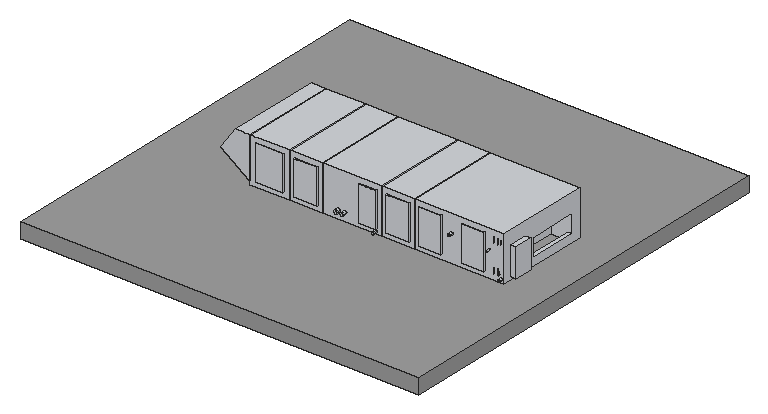
Revit family
Parameters (values of type "4 Row DX-R410")
  Wheel Size [instance] = ""
  Voltage = 480 V
  Unit Weight (lbs) = 3319  # constant formula
  URL = "http://www.appliedair.com"
  Total Static Pressure [instance] = 0.00 in-wg
  Total Heating Capacity [instance] = 0.0 Btu/h
  Total Cooling Capacity [instance] = 0.0 Btu/h
  Temperature Rise [instance] = 0 °F
  Supply Air Pressure Drop [instance] = 0.00 in-wg
  Supply Air Outlet Flow [instance] = 0 CFM
  Supply Air Inlet Flow [instance] = 0 CFM
  Series = "IFL"
  Return Coil Horizontal Offset = 1' - 1"  # constant formula
  Return Air Inlet Flow [instance] = 0 CFM
  Return Air Flow Height = 1' - 8"
  Refrigerant Type = "R410"
  Refrigerant Supply Pressure [instance] = 0.00 psi
  Refrigerant Supply Flow [instance] = 0 GPM
  Refrigerant Return Pressure [instance] = 0.00 psi
  Refrigerant Return Flow [instance] = 0 GPM
  Product URL = "http://www.appliedair.com/ifl.asp"
  Power Vertical Offset = 1' - 2 1/4"
  Power Horizontal Offset = 2' - 6"
  Power Connection Radius = 0' - 0 3/4"
  Phase = 3
  Output Heat [instance] = 0.0 Btu/h
  OmniClass = "23-75 10 24 21 27 17"
  Number of Rows = 4
  Number of Poles = 3
  Nominal Width = 6' - 4"  # constant formula
  Nominal Length = 18' - 11 5/16"  # constant formula
  Nominal Height = 3' - 0"  # constant formula
  Motor Horsepower (HP) [instance] = 0
  Motor Brake Horsepower (BHP) [instance] = 0
  Motor Amps [instance] = 0 A
  Model = "20"
  Minimum Input [instance] = 0.0 Btu/h
  Minimum Air Flow = 1500 CFM
  Maximum Input [instance] = 0.0 Btu/h
  Maximum Air Flow = 5000 CFM
  Manufacturer = "Applied Air"
  M = 3' - 4"  # constant formula
  L = 1' - 2 1/2"  # constant formula
  K = 2' - 4 11/16"  # constant formula
  J = 0' - 6 3/8"  # constant formula
  Heating Leaving Water Temperature [instance] = 0 °F
  Heating Leaving Air Temperature Wet Bulb [instance] = 0 °F
  Heating Leaving Air Temperature Dry Bulb [instance] = 0 °F
  Heating Entering Water Temperature [instance] = 0 °F
  Heating Entering Air Temperature Wet Bulb [instance] = 0 °F
  Heating Entering Air Temperature Dry Bulb [instance] = 0 °F
  Gas Vertical Offset = 1' - 9"  # constant formula
  Gas Horizontal Offset = 0' - 11 1/2"
  Gas Connection Radius = 0' - 0 3/8"  # constant formula
  Condensate Vertical Offset = 0' - 2 3/4"
  Condensate Radius = 0' - 0 3/4"  # constant formula
  Gas Pressure Drop [instance] = 0.00 psi
  Gas Input [instance] = 0.0 Btu/h
  Condensate Drain  Horizontal Offset = 0' - 1 27/32"
  Gas Flow [instance] = 0 GPM
  Condensate Drain Connection Radius = Condensate Radius  # 0' - 0 3/4"
  Furnace Size [instance] = ""
  Frequency = 60 Hz
  Fan Speed (RPM) [instance] = 0
  Face Velocity (FPM) [instance] = 0
  Face Pressure Drop [instance] = 0' - 0"
  Drain Pressure Drop [instance] = 0.00 psi
  Drain Flow [instance] = 0 GPM
  Description = "Dedicated Outside Air Split System"
  Cooling Sensible Capacity [instance] = 0 Btu/h
  Cooling Leaving Air Temperature Wet Bulb [instance] = 0 °F
  Cooling Leaving Air Temperature Dry Bulb [instance] = 0 °F
  Cooling Entering Air Temperature Wet Bulb [instance] = 0 °F
  Cooling Entering Air Temperature Dry Bulb [instance] = 0 °F
  Cooling Coil Radius = 0' 2 1/2" / 2  # 0' - 1 1/4"
  H = 0' - 3 1/16"
  G = 1' - 11 5/16"
  Drain Vertical Offset = 0' - 2"
  Drain Radius = 0' - 1"
  Drain Horizontal Offset = 0' - 5"
  Default Elevation = 4' - 0"
  F = 2' - 2"
  E = 4' - 0"
  D = 5' - 4"
  Combustion Air Flow [instance] = 0 CFM
  Coils Depth = 0' - 3"
  Coil Outlet Vertical Offset = 2' - 5 113/256"  # constant formula
  Coil Face Area = if(Choose Coil Option = 1, 6.00 SF, if(Choose Coil Option = 2, 10.50 SF, 0.00 SF))  # 10.50 SF
  Choose Coil Option = 2
  Coil Inlet Vertical Offsets = 0' - 6 143/256"
  Supply Coil Horizontal Offset = 1' - 6"  # constant formula
  Burner Amps [instance] = 0 A
  B = 6' - 0"
  Assembly Code = "D3030200"
  Apparent Power [instance] = (Motor Amps + Burner Amps) * Voltage * sqrt(3)  # 0 VA
  AHU Material = Galvanized Steel
  24x63 DX Coils = Choose Coil Option = 2  # yes
  24x36 DX Coils = Choose Coil Option = 1  # no
Reference planes (in)
  plane 1 "Center (Front/Back)": y = 0
  plane 2: z = -0.00391
  plane 3 "Center (Left/Right)": x = 0
  plane 4: y = 38
  plane 5: y = -38
  plane 6: x = -24
  plane 7: x = 24
  plane 8: x = 50
  plane 9: z = 35.99609
  plane 10: x = 122
  plane 11: x = -50
  plane 12: x = -82
  plane 13: x = -105.3125
  plane 14: x = -11
  plane 15: x = -6
  plane 16: z = 6.55469
  plane 17: z = 6.55469
  plane 18: y = -41
  plane 19: x = 19
  plane 20: z = 1.99609
  plane 21: x = 80
  plane 22: z = 21.74609
  plane 23: z = 2.74609
  plane 24: x = 120.15625
  plane 25: x = 110.5
  plane 26: z = 20.99609
Forms (in)
  Extrusion 1, solid, material "Default"
    sketch origin (0, 0, 0) x (1, 0, 0) y (0, 1, 0)
      loop
        line (-164.84185, 166) -> (-164.84185, -165.6411) -> (155.35983, -165.6411) -> (155.35983, 166) -> (-164.84185, 166)
    from -0.00391 to -12
  Extrusion 2, solid
    sketch origin (0.62705, 0, 0) x (1, 0, 0) y (0, 0, 1)
      loop
        line (-24.62705, 0) -> (23.37295, 0) -> (23.37295, 35.99609) -> (-24.62705, 35.99609) -> (-24.62705, 0)
    from -38 to 38
  Extrusion 3, solid
    sketch origin (66.62705, 0, 0) x (1, 0, 0) y (0, 0, 1)
      loop
        line (-42.62705, 0) -> (-16.62705, 0) -> (-16.62705, 35.99609) -> (-42.62705, 35.99609) -> (-42.62705, 0)
    from -38 to 38
  Extrusion 4, solid
    sketch origin (120.62705, 0, 0) x (1, 0, 0) y (0, 0, 1)
      loop
        line (-70.62705, 0) -> (1.37295, 0) -> (1.37295, 35.99609) -> (-70.62705, 35.99609) -> (-70.62705, 0)
    from -38 to 38
  Extrusion 5, solid
    sketch origin (-17.37295, 0, 0) x (1, 0, 0) y (0, 0, 1)
      loop
        line (-32.62705, -0.00391) -> (-6.62705, -0.00391) -> (-6.62705, 35.99609) -> (-32.62705, 35.99609) -> (-32.62705, -0.00391)
    from -38 to 38
  Extrusion 6, solid
    sketch origin (-41.37295, 0, 0) x (1, 0, 0) y (0, 0, 1)
      loop
        line (-40.62705, -0.00391) -> (-8.62705, -0.00391) -> (-8.62705, 35.99609) -> (-40.62705, 35.99609) -> (-40.62705, -0.00391)
    from -38 to 38
  Extrusion 7, solid
    sketch origin (0, 0, 0) x (1, 0, 0) y (0, 0, 1)
      loop
        line (-105.3125, 18.99609) -> (-82, 2.99609) -> (-82, 35.99609) -> (-93.64494, 35.99609) -> (-105.3125, 18.99609)
    from -38 to 38
  Extrusion 8, void
    sketch origin (0, 0, 0) x (1, 0, 0) y (0, 1, 0)
      loop
        line (-75, 32) -> (-75, -32) -> (-55, -32) -> (-55, 32) -> (-75, 32)
    from 0 to 31.59567
  Extrusion 9, void
    sketch origin (0, 0, 0) x (0, 1, 0) y (0, 0, 1)
      loop
        line (-32, 9) -> (32, 9) -> (32, 29) -> (-32, 29) -> (-32, 9)
    from -55 to -94.13707
  Extrusion 10, void
    sketch origin (0, 0, 0) x (1, 0, 0) y (0, 1, 0)
      loop
        line (118.9375, -9.3125) -> (118.9375, 30.6875) -> (104.4375, 30.6875) -> (104.4375, -9.3125) -> (118.9375, -9.3125)
    from 0 to 21.23232
  Extrusion 11, void
    sketch origin (0, 0, 0) x (1, 0, 0) y (0, 0, 1)
      loop
        line (122, 6.37109) -> (122, 20.87109) -> (104.4375, 20.87109) -> (104.4375, 6.37109) -> (122, 6.37109)
    from -30.6875 to 9.3125
  Extrusion 12, solid
    sketch origin (0, 0, 0) x (1, 0, 0) y (0, 1, 0)
      loop
        line (122, -17) -> (122, -32) -> (127, -32) -> (127, -17) -> (122, -17)
    from 3.06225 to 25.87762
  Extrusion 13, solid
    sketch origin (0, 0, 0) x (1, 0, 0) y (0, 0, 1)
      loop
        circle (-6, 6.55469) r 1.25
      loop
        circle (-11, 6.55469) r 1.25
      loop
        circle (19, 1.99609) r 1
      loop
        circle (80, 21.74609) r 0.75
      loop
        circle (120.15625, 2.74609) r 0.75
      loop
        circle (110.5, 20.99609) r 0.375
    from 38 to 41
  Extrusion 14, solid
    sketch origin (0, -38, 0) x (1, 0, 0) y (0, 0, 1)
      loop
        line (-55, 31.99609) -> (-77, 31.99609) -> (-77, 3.99609) -> (-55, 3.99609) -> (-55, 31.99609)
      loop
        line (-28, 31.99609) -> (-46, 31.99609) -> (-46, 3.99609) -> (-28, 3.99609) -> (-28, 31.99609)
      loop
        line (20, 31.99609) -> (6, 31.99609) -> (6, 3.99609) -> (20, 3.99609) -> (20, 31.99609)
      loop
        line (46, 31.99609) -> (28, 31.99609) -> (28, 3.99609) -> (46, 3.99609) -> (46, 31.99609)
      loop
        line (72, 31.99609) -> (54, 31.99609) -> (54, 3.99609) -> (72, 3.99609) -> (72, 31.99609)
      loop
        line (107, 31.99609) -> (89, 31.99609) -> (89, 3.99609) -> (107, 3.99609) -> (107, 31.99609)
    from 0 to 1
  Extrusion 15, void
    sketch origin (-0.35783, 0, -2.35783) x (1, 0, 0) y (0, 0, 1)
      loop
        line (114.55215, 32.70523) -> (114.55215, 32.20523) -> (116.80215, 32.20523) -> (116.80215, 32.70523) -> (114.55215, 32.70523)
      loop
        line (117.55215, 32.70523) -> (117.55215, 32.20523) -> (119.80215, 32.20523) -> (119.80215, 32.70523) -> (117.55215, 32.70523)
      loop
        line (114.55215, 33.45523) -> (114.55215, 32.95523) -> (116.80215, 32.95523) -> (116.80215, 33.45523) -> (114.55215, 33.45523)
      loop
        line (117.55215, 33.45523) -> (117.55215, 32.95523) -> (119.80215, 32.95523) -> (119.80215, 33.45523) -> (117.55215, 33.45523)
      loop
        line (114.55215, 31.95523) -> (114.55215, 31.45523) -> (116.80215, 31.45523) -> (116.80215, 31.95523) -> (114.55215, 31.95523)
      loop
        line (117.55215, 31.95523) -> (117.55215, 31.45523) -> (119.80215, 31.45523) -> (119.80215, 31.95523) -> (117.55215, 31.95523)
      loop
        line (114.55215, 31.20523) -> (114.55215, 30.70523) -> (116.80215, 30.70523) -> (116.80215, 31.20523) -> (114.55215, 31.20523)
      loop
        line (117.55215, 31.20523) -> (117.55215, 30.70523) -> (119.80215, 30.70523) -> (119.80215, 31.20523) -> (117.55215, 31.20523)
      loop
        line (114.55215, 30.45523) -> (114.55215, 29.95523) -> (116.80215, 29.95523) -> (116.80215, 30.45523) -> (114.55215, 30.45523)
      loop
        line (117.55215, 30.45523) -> (117.55215, 29.95523) -> (119.80215, 29.95523) -> (119.80215, 30.45523) -> (117.55215, 30.45523)
      loop
        line (114.55215, 29.70523) -> (114.55215, 29.20523) -> (116.80215, 29.20523) -> (116.80215, 29.70523) -> (114.55215, 29.70523)
      loop
        line (117.55215, 29.70523) -> (117.55215, 29.20523) -> (119.80215, 29.20523) -> (119.80215, 29.70523) -> (117.55215, 29.70523)
      loop
        line (114.55215, 7.78696) -> (116.80215, 7.78696) -> (116.80215, 8.28696) -> (114.55215, 8.28696) -> (114.55215, 7.78696)
      loop
        line (117.55215, 7.78696) -> (119.80215, 7.78696) -> (119.80215, 8.28696) -> (117.55215, 8.28696) -> (117.55215, 7.78696)
      loop
        line (114.55215, 7.03696) -> (116.80215, 7.03696) -> (116.80215, 7.53696) -> (114.55215, 7.53696) -> (114.55215, 7.03696)
      loop
        line (117.55215, 7.03696) -> (119.80215, 7.03696) -> (119.80215, 7.53696) -> (117.55215, 7.53696) -> (117.55215, 7.03696)
      loop
        line (114.55215, 8.53696) -> (116.80215, 8.53696) -> (116.80215, 9.03696) -> (114.55215, 9.03696) -> (114.55215, 8.53696)
      loop
        line (117.55215, 8.53696) -> (119.80215, 8.53696) -> (119.80215, 9.03696) -> (117.55215, 9.03696) -> (117.55215, 8.53696)
      loop
        line (114.55215, 9.28696) -> (116.80215, 9.28696) -> (116.80215, 9.78696) -> (114.55215, 9.78696) -> (114.55215, 9.28696)
      loop
        line (117.55215, 9.28696) -> (119.80215, 9.28696) -> (119.80215, 9.78696) -> (117.55215, 9.78696) -> (117.55215, 9.28696)
      loop
        line (114.55215, 10.03696) -> (116.80215, 10.03696) -> (116.80215, 10.53696) -> (114.55215, 10.53696) -> (114.55215, 10.03696)
      loop
        line (117.55215, 10.03696) -> (119.80215, 10.03696) -> (119.80215, 10.53696) -> (117.55215, 10.53696) -> (117.55215, 10.03696)
      loop
        line (114.55215, 10.78696) -> (116.80215, 10.78696) -> (116.80215, 11.28696) -> (114.55215, 11.28696) -> (114.55215, 10.78696)
      loop
        line (117.55215, 10.78696) -> (119.80215, 10.78696) -> (119.80215, 11.28696) -> (117.55215, 11.28696) -> (117.55215, 10.78696)
    from 32 to 38
Cuts and joins
  Extrusion 8, Extrusion 9 cuts Extrusion 6
  Extrusion 9 cuts Extrusion 2
  Extrusion 9 cuts Extrusion 3
  Extrusion 9 cuts Extrusion 7
  Extrusion 10, Extrusion 11, Extrusion 15 cuts Extrusion 4
Dimensions and locks (in)
  "Nominal Width": plane 5 to plane 4
  "E": plane 6 to plane 7
  equal spacing: plane 6, plane 3 "Center (Left/Right)", plane 7
  "Nominal Height": plane 9 to plane 2
  "F": plane 7 to plane 8
  "F": plane 11 to plane 6
  locked: plane 12 to plane 11 at 32
  "B": plane 8 to plane 10
  "G": plane 13 to plane 12
  "D": Extrusion 8 sketch curve to Extrusion 8 sketch curve
  locked: Extrusion 8 sketch curve to Extrusion 8 sketch curve at 20
  locked: Extrusion 9 sketch curve to Extrusion 9 sketch curve at 20
  "D": Extrusion 9 sketch curve to Extrusion 9 sketch curve
  locked: level to Extrusion 9 sketch curve at 9
  "K": plane 5 to Extrusion 10 sketch curve
  "M": Extrusion 10 sketch curve to Extrusion 10 sketch curve
  "H": Extrusion 10 sketch curve to plane 10
  "L": Extrusion 10 sketch curve to Extrusion 10 sketch curve
  "J": Extrusion 11 sketch curve to plane 2
  "L": Extrusion 11 sketch curve to Extrusion 11 sketch curve
  "K": cut or joined group of Extrusion 4, Extrusion 10, Extrusion 11, Extrusion 15 to plane 5
  "M": cut or joined group of Extrusion 4, Extrusion 10, Extrusion 11, Extrusion 15 to cut or joined group of Extrusion 4, Extrusion 10, Extrusion 11, Extrusion 15
  locked: plane 9 to Extrusion 12 at 10.11847
  locked: Extrusion 12 to Extrusion 12 at 22.81538
  locked: Extrusion 12 to plane 2 at 3.06615
  locked: Extrusion 12 to Extrusion 12 at 5
  "Coils Depth": plane 18 to plane 5
  "Coil Inlet Vertical Offsets": plane 16 to plane 2
  "Coil Outlet Vertical Offset": plane 9 to plane 17
  "Return Coil Horizontal Offset": plane 6 to plane 14
  "Supply Coil Horizontal Offset": plane 6 to plane 15
  "Drain Vertical Offset": plane 20 to plane 2
  "Drain Horizontal Offset": plane 19 to plane 7
  locked: plane 12 to Extrusion 14 sketch curve at 5
  locked: Extrusion 14 sketch curve to plane 11 at 5
  locked: plane 9 to Extrusion 14 sketch curve at 4  (x6)
  locked: Extrusion 14 sketch curve to plane 2 at 4  (x6)
  locked: plane 11 to Extrusion 14 sketch curve at 4
  locked: Extrusion 14 sketch curve to plane 6 at 4
  locked: plane 6 to Extrusion 14 sketch curve at 30
  locked: Extrusion 14 sketch curve to plane 7 at 4
  locked: plane 7 to Extrusion 14 sketch curve at 4
  locked: Extrusion 14 sketch curve to plane 8 at 4
  locked: plane 8 to Extrusion 14 sketch curve at 4
  locked: Extrusion 14 sketch curve to Extrusion 14 sketch curve at 17
  locked: Extrusion 14 sketch curve to plane 10 at 15
  "Power Vertical Offset": plane 9 to plane 22
  "Power Horizontal Offset": plane 8 to plane 21
  locked: Extrusion 14 to plane 5 at 1
  "Condensate Vertical Offset": plane 23 to plane 2
  plane 13 to plane 10 = 18' - 11 5/16"
  "Condensate Drain  Horizontal Offset": plane 24 to plane 10
  "Gas Vertical Offset": plane 26 to plane 2
  "Gas Horizontal Offset": plane 25 to plane 10
  locked: Extrusion 13 sketch curve to plane 14 at 0
  locked: Extrusion 13 sketch curve to plane 15 at 0
  locked: Extrusion 13 sketch curve to plane 19 at 0
  locked: Extrusion 13 sketch curve to plane 21 at 0
  locked: Extrusion 13 sketch curve to plane 25 at 0
  locked: Extrusion 13 sketch curve to plane 23 at 0
  locked: Extrusion 13 sketch curve to plane 24 at 0
  locked: Extrusion 13 sketch curve to plane 20 at 0
  locked: Extrusion 13 sketch curve to plane 16 at 0
  locked: Extrusion 13 sketch curve to plane 26 at 0
  locked: Extrusion 13 sketch curve to plane 22 at 0
  locked: Extrusion 13 sketch curve to plane 17 at 0
  "Cooling Coil Radius": radius of Extrusion 13 sketch curve  (x2)
  "Drain Radius": radius of Extrusion 13 sketch curve
  "Power Connection Radius": radius of Extrusion 13 sketch curve
  "Condensate Drain Connection Radius": radius of Extrusion 13 sketch curve
  "Gas Connection Radius": radius of Extrusion 13 sketch curve
  aligned and locked: plane 2 to Extrusion 1
  aligned and locked: Extrusion 2 to plane 4
  aligned and locked: plane 5 to Extrusion 2
  aligned and locked: plane 6 to Extrusion 2
  aligned and locked: plane 7 to Extrusion 2
  aligned and locked: plane 7 to Extrusion 3
  aligned and locked: Extrusion 3 to plane 8
  aligned and locked: plane 9 to Extrusion 2
  aligned and locked: Extrusion 3 to Extrusion 2
  aligned and locked: plane 5 to Extrusion 3
  aligned and locked: Extrusion 3 to plane 4
  aligned and locked: Extrusion 4 to plane 9
  aligned and locked: plane 8 to Extrusion 4
  aligned and locked: Extrusion 4 to plane 10
  aligned and locked: plane 5 to Extrusion 4
  aligned and locked: Extrusion 4 to plane 4
  aligned and locked: Extrusion 5 to plane 6
  aligned and locked: plane 11 to Extrusion 5
  aligned and locked: Extrusion 5 to plane 9
  aligned and locked: Extrusion 5 to plane 2
  aligned and locked: Extrusion 5 to plane 4
  aligned and locked: plane 5 to Extrusion 5
  aligned and locked: plane 5 to Extrusion 6
  aligned and locked: Extrusion 6 to plane 4
  aligned and locked: plane 12 to Extrusion 6
  aligned and locked: Extrusion 6 to plane 11
  aligned and locked: Extrusion 6 to plane 9
  aligned and locked: Extrusion 6 to plane 2
  aligned and locked: Extrusion 7 to plane 9
  aligned and locked: plane 13 to Extrusion 7
  aligned and locked: Extrusion 7 to plane 12
  aligned and locked: Extrusion 7 to plane 4
  aligned and locked: plane 5 to Extrusion 7
  aligned and locked: cut or joined group of Extrusion 6, Extrusion 8, Extrusion 9 to Extrusion 9 sketch curve
  aligned and locked: cut or joined group of Extrusion 6, Extrusion 8, Extrusion 9 to Extrusion 9
  aligned and locked: Extrusion 10 to level
  aligned and locked: cut or joined group of Extrusion 4, Extrusion 10, Extrusion 11, Extrusion 15 to Extrusion 11 sketch curve
  aligned and locked: plane 10 to Extrusion 11 sketch curve
  aligned and locked: plane 10 to Extrusion 12
  aligned and locked: plane 5 to Extrusion 13
  aligned and locked: plane 18 to Extrusion 13
  aligned and locked: Extrusion 14 to plane 5
  aligned and locked: cut or joined group of Extrusion 4, Extrusion 10, Extrusion 11, Extrusion 15 to plane 5
Automatic sketch dimensions
  Extrusion 1 sketch curve to Extrusion 1 sketch curve = 26' - 8.20168"
  Extrusion 1 sketch curve to Extrusion 1 sketch curve = 27' - 7.6411"
  Extrusion 2 sketch curve to level = 0' - 0"
  Extrusion 2 sketch curve to plane 6 = 0' - 0"
  Extrusion 2 sketch curve to plane 7 = 0' - 0"
  Extrusion 2 sketch curve to plane 9 = 0' - 0"
  Extrusion 3 sketch curve to level = 0' - 0"
  Extrusion 3 sketch curve to plane 7 = 0' - 0"
  Extrusion 3 sketch curve to plane 8 = 0' - 0"
  Extrusion 3 sketch curve to plane 9 = 0' - 0"
  Extrusion 4 sketch curve to level = 0' - 0"
  Extrusion 4 sketch curve to plane 8 = 0' - 0"
  Extrusion 4 sketch curve to plane 9 = 0' - 0"
  Extrusion 4 sketch curve to plane 10 = 0' - 0"
  Extrusion 5 sketch curve to plane 2 = 0' - 0"
  Extrusion 5 sketch curve to plane 11 = 0' - 0"
  Extrusion 5 sketch curve to plane 6 = 0' - 0"
  Extrusion 5 sketch curve to plane 9 = 0' - 0"
  Extrusion 6 sketch curve to plane 2 = 0' - 0"
  Extrusion 6 sketch curve to plane 12 = 0' - 0"
  Extrusion 6 sketch curve to plane 9 = 0' - 0"
  Extrusion 6 sketch curve to plane 11 = 0' - 0"
  Extrusion 7 sketch curve to plane 13 = 0' - 0"
  Extrusion 7 sketch curve to plane 9 = 0' - 0"
  Extrusion 7 sketch curve to plane 12 = 0' - 0"
  plane 12 to Extrusion 7 sketch curve = 0' - 11.64494"
  Extrusion 8 sketch curve to plane 12 = 0' - 7"
  Extrusion 8 sketch curve to plane 5 = 0' - 6"
  Extrusion 12 sketch curve to plane 10 = 0' - 0"
  Extrusion 12 sketch curve to plane 10 = 0' - 5"
  Extrusion 12 sketch curve to plane 5 = 0' - 6"
  Extrusion 12 sketch curve to Extrusion 12 sketch curve = 1' - 3"
  Extrusion 14 sketch curve to Extrusion 14 sketch curve = 1' - 6"
  Extrusion 15 sketch curve to Extrusion 15 sketch curve = 0' - 0"  (x41)
  Extrusion 15 sketch curve to Extrusion 15 sketch curve = 0' - 0 1/2"  (x23)
  Extrusion 15 sketch curve to Extrusion 15 sketch curve = 0' - 0 1/4"  (x20)
  plane 26 to Extrusion 7 sketch curve = 0' - 2"
  Extrusion 15 sketch curve to Extrusion 15 sketch curve = 0' - 2 1/4"  (x5)
  Extrusion 15 sketch curve to Extrusion 15 sketch curve = 0' - 0 3/4"  (x4)
  plane 9 to Extrusion 15 sketch curve = 2' - 7.31696"
  Extrusion 15 sketch curve to Extrusion 15 sketch curve = 1' - 5.91827"
  plane 10 to Extrusion 15 sketch curve = 0' - 7.80568"
Connectors (in)
  hvac at (-93.65625, 0, 10.99609), driven by "D", driven by "Return Air Flow Height", driven by "Supply Air Inlet Flow"
    settings: on cut or joined group of Extrusion 7, Extrusion 9, index 1
  hvac at (-65, 0, -0.00391), driven by "D", driven by "Return Air Flow Height", driven by "Return Air Inlet Flow"
    settings: on cut or joined group of Extrusion 6, Extrusion 8, Extrusion 9, index 2
  hvac at (111.6875, 10.6875, 0), driven by "M", driven by "L", driven by "Supply Air Outlet Flow"
    settings: on cut or joined group of Extrusion 4, Extrusion 10, Extrusion 11, Extrusion 15, index 3
  hvac at (122, 10.6875, 13.62109), driven by "M", driven by "L", driven by "Supply Air Outlet Flow"
    settings: on cut or joined group of Extrusion 4, Extrusion 10, Extrusion 11, Extrusion 15, index 4
  piping at (-11, -41, 6.55469), driven by "Cooling Coil Radius", driven by "Refrigerant Return Flow", driven by "Refrigerant Return Pressure"
    settings: on Extrusion 13, index 5
  piping at (-6, -41, 6.55469), driven by "Cooling Coil Radius", driven by "Refrigerant Supply Flow", driven by "Refrigerant Supply Pressure"
    settings: on Extrusion 13, index 6
  piping at (19, -41, 1.99609), driven by "Drain Radius", driven by "Drain Flow"
    settings: on Extrusion 13, index 7
  electrical at (80, -41, 21.74609), driven by "Number of Poles", driven by "Apparent Power", driven by "Voltage"
    settings: on Extrusion 13, index 8
  piping at (120.15625, -41, 2.74609), driven by "Condensate Radius", driven by "Drain Flow", driven by "Gas Pressure Drop"
    settings: on Extrusion 13, index 9
  piping at (110.5, -41, 20.99609), driven by "Gas Connection Radius", driven by "Gas Flow"
    settings: on Extrusion 13, index 10
